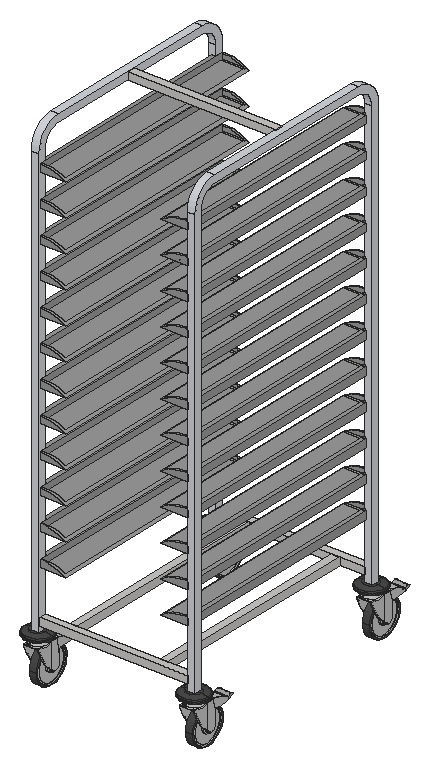
Revit family "QF_BOURGEAT_chariot_cafeteria_dos_a_dos_plateaux_self_couleur", category Equipement spécialisé, Revit 2015
Parameters (values of type "chariot_modele_haut_glissieres_beiges_sans_panneaux")
  panneaux_lateraux_verts = no
  panneaux_lateraux_rouges = no
  panneaux_lateraux_bleus = no
  URL Fabricant = "http://www.bourgeat.fr"
  URL = ""
  Type article = ""
  Spécification du Fabricant = "CHARIOT CAFETERIA"
  Profondeur hors tout = 840 mm
  Poids net à vide = 22.50 kg
  Modèle = "785506"
  Longueur hors tout = 620 mm
  Hauteur hors tout = 1700 mm
  Fabricant = "BOURGEAT"
  Contact SAV = "0033(0)4.76.32.14.44"
  Charge max = 60.00 kg
Types (5, lengths in mm): name | panneaux_lateraux_verts | panneaux_lateraux_rouges | panneaux_lateraux_bleus | Poids net à vide | Modèle
  (no name) | no | no | no | 22.50 kg | "785506"
  chariot_modele_haut_glissieres_beiges_sans_panneaux | no | no | no | 22.50 kg | "785506"
  chariot_modele_haut_glissieres_beiges_avec_2panneaux_bleus | no | no | yes | 31.00 kg | "785006"
  chariot_modele_haut_glissieres_beiges_avec_2panneaux_verts | yes | no | no | 31.00 kg | "785006"
  chariot_modele_haut_glissieres_beiges_avec_2panneaux_rouges | no | yes | no | 31.00 kg | "785206"
Reference planes
  plane 1 "Centre (avant/arrière)": y = 0
  plane 2: z = 0
  plane 3 "Centre (gauche/droite)": x = 0
  plane 4: z = 227.8
  plane 5: z = 182
  plane 6: z = 202.8
  plane 7: y = 12.5
  plane 8: y = -12.5
  plane 9: x = 274
  plane 10: x = -274
  plane 11: z = 1570
  plane 12: z = 1462
  plane 13: z = 1354
  plane 14: z = 1246
  plane 15: z = 1138
  plane 16: z = 1030
  plane 17: z = 922
  plane 18: z = 814
  plane 19: z = 706
  plane 20: z = 598
  plane 21: z = 490
  plane 22: z = 382
  plane 23: z = 1674
  plane 24: y = -371
  plane 25: y = 371
  plane 26: x = -249
  plane 27: y = 152
  plane 28: y = -358.5
  plane 29: y = -383.5
Forms (mm)
  Extrusion 1, solid, material "Acier inoxydable, brossé"
    sketch origin (0, 109.5, 0) x (0, 1, 0) y (0, 0, 1)
      loop
        line (-493, 227.8) -> (-493, 202.8) -> (-468, 202.8) -> (-468, 227.8) -> (-493, 227.8)
      loop
        line (249, 202.8) -> (274, 202.8) -> (274, 227.8) -> (249, 227.8) -> (249, 202.8)
    from -249 to 249
  Extrusion 2, solid, material "Acier inoxydable, brossé"
    sketch origin (0, 0, 0) x (0, 1, 0) y (0, 0, 1)
      loop
        line (-12.5, 1703) -> (-12.5, 1678) -> (12.5, 1678) -> (12.5, 1703) -> (-12.5, 1703)
    from -249 to 249
  Extrusion 3, solid, material "Acier inoxydable, brossé"
    sketch origin (0, 0, 0) x (1, 0, 0) y (0, 0, 1)
      loop
        line (-164.5, 202.8) -> (-139.5, 202.8) -> (-139.5, 227.8) -> (-164.5, 227.8) -> (-164.5, 202.8)
      loop
        line (164.5, 227.8) -> (139.5, 227.8) -> (139.5, 202.8) -> (164.5, 202.8) -> (164.5, 227.8)
    from -358.5 to 358.5
Dimensions and locks
  plane 4 to plane 6 = 25 mm
  plane 10 to plane 9 = 548 mm
  Extrusion 2 to plane 2 = 1703 mm
  plane 4 to plane 2 = 227.8 mm
  Extrusion 2 to plane 4 = 1475.2 mm
  locked: plane 10 to plane 9 at 548
  plane 10 to plane 3 "Centre (gauche/droite)" = 274 mm
  equal spacing: group 1, group 2, group 3, group 4, group 5, group 6, group 7, group 8, group 9, group 10, group 11, group 12  (x2)
  equal spacing: group 12, group 11, group 10, group 9, group 8, group 7, group 6, group 5, group 4, group 3, group 2, group 1
  aligned and locked: level to plane 2
  aligned and locked: plane 6 to Extrusion 1 sketch curve
  aligned and locked: Extrusion 1 sketch curve to plane 6
  aligned and locked: Extrusion 2 sketch curve to plane 8
  aligned and locked: Extrusion 2 sketch curve to plane 7
  aligned and locked: plane 5 to nested 5
  aligned and locked: plane 5 to nested 6
  aligned and locked: plane 9 to nested 6
  aligned and locked: plane 10 to nested 5
  aligned and locked: nested 2 to nested 5
  aligned and locked: nested 1 to nested 5
  aligned and locked: nested 3 to nested 6
  aligned and locked: nested 4 to nested 6
  aligned and locked: Extrusion 1 to nested 1
  aligned and locked: Extrusion 3 sketch curve to plane 4
  aligned and locked: plane 4 to Extrusion 3 sketch curve
  aligned and locked: plane 6 to Extrusion 3 sketch curve
  aligned and locked: Extrusion 3 sketch curve to plane 6
  aligned and locked: Extrusion 1 sketch curve to plane 4
  aligned and locked: plane 24 to nested 3
  aligned and locked: plane 24 to nested 2
  aligned and locked: nested 1 to plane 25
  aligned and locked: plane 25 to nested 4
  aligned and locked: plane 11 to nested 7
  aligned and locked: plane 26 to nested 7
  aligned and locked: plane 26 to nested 8
  aligned and locked: nested 5 to plane 26
  aligned and locked: Extrusion 1 to nested 5  (x2)
  aligned and locked: Extrusion 3 to Extrusion 1  (x2)
  aligned and locked: nested 31 to plane 1 "Centre (avant/arrière)"
  aligned and locked: nested 32 to plane 1 "Centre (avant/arrière)"
  aligned and locked: plane 23 to nested 35
  aligned and locked: plane 23 to nested 31
  aligned and locked: plane 23 to nested 32
  aligned and locked: plane 23 to nested 36
  aligned and locked: nested 33 to plane 23
  aligned and locked: nested 34 to plane 23
  aligned and locked: nested 35 to nested 7
  aligned and locked: nested 31 to nested 7
  aligned and locked: nested 32 to nested 7
  aligned and locked: nested 36 to nested 19
  aligned and locked: nested 33 to nested 19
  aligned and locked: nested 34 to nested 19
Nested families
  nested 1: "ROULETTE_H182" at (-261.5, 371, 0), type "ROULETTE_H182"
    with Sans frein yes, Avec frein yes
  nested 2: "ROULETTE_H182" at (-261.5, -371, 0), type "ROULETTE_H182"
    with Sans frein yes, Avec frein yes
  nested 3: "ROULETTE_H182" at (261.5, -371, 0), type "ROULETTE_H182"
    with Sans frein yes, Avec frein yes
  nested 4: "ROULETTE_H182" at (261.5, 371, 0), type "ROULETTE_H182"
    with Sans frein yes, Avec frein yes
  nested 5: "montant_U_modele_dos_a_dos" at (-261.5, 0, 182) x (0, 1, 0) z (0, 0, 1), type "montant_U_modele_dos_a_dos"
  nested 6: "montant_U_modele_dos_a_dos" at (261.5, 0, 182) x (0, 1, 0) z (0, 0, 1), type "montant_U_modele_dos_a_dos"
  nested 7: "glissiere_polypropylene_beige_lg763" at (-259, 0, 1565), type "glissiere_polypropylene_beige_lg763"
  nested 8: "glissiere_polypropylene_beige_lg763" at (-259, 0, 1457), type "glissiere_polypropylene_beige_lg763"
  nested 9: "glissiere_polypropylene_beige_lg763" at (-259, 0, 1349), type "glissiere_polypropylene_beige_lg763"
  nested 10: "glissiere_polypropylene_beige_lg763" at (-259, 0, 1241), type "glissiere_polypropylene_beige_lg763"
  nested 11: "glissiere_polypropylene_beige_lg763" at (-259, 0, 1133), type "glissiere_polypropylene_beige_lg763"
  nested 12: "glissiere_polypropylene_beige_lg763" at (-259, 0, 1025), type "glissiere_polypropylene_beige_lg763"
  nested 13: "glissiere_polypropylene_beige_lg763" at (-259, 0, 917), type "glissiere_polypropylene_beige_lg763"
  nested 14: "glissiere_polypropylene_beige_lg763" at (-259, 0, 809), type "glissiere_polypropylene_beige_lg763"
  nested 15: "glissiere_polypropylene_beige_lg763" at (-259, 0, 701), type "glissiere_polypropylene_beige_lg763"
  nested 16: "glissiere_polypropylene_beige_lg763" at (-259, 0, 593), type "glissiere_polypropylene_beige_lg763"
  nested 17: "glissiere_polypropylene_beige_lg763" at (-259, 0, 485), type "glissiere_polypropylene_beige_lg763"
  nested 18: "glissiere_polypropylene_beige_lg763" at (-259, 0, 377), type "glissiere_polypropylene_beige_lg763"
  nested 19: "glissiere_polypropylene_beige_lg763" at (259, 0, 1565) x (-1, 0, 0) z (0, 0, 1), type "glissiere_polypropylene_beige_lg763"
  nested 20: "glissiere_polypropylene_beige_lg763" at (259, 0, 1457) x (-1, 0, 0) z (0, 0, 1), type "glissiere_polypropylene_beige_lg763"
  nested 21: "glissiere_polypropylene_beige_lg763" at (259, 0, 1349) x (-1, 0, 0) z (0, 0, 1), type "glissiere_polypropylene_beige_lg763"
  nested 22: "glissiere_polypropylene_beige_lg763" at (259, 0, 1241) x (-1, 0, 0) z (0, 0, 1), type "glissiere_polypropylene_beige_lg763"
  nested 23: "glissiere_polypropylene_beige_lg763" at (259, 0, 1133) x (-1, 0, 0) z (0, 0, 1), type "glissiere_polypropylene_beige_lg763"
  nested 24: "glissiere_polypropylene_beige_lg763" at (259, 0, 1025) x (-1, 0, 0) z (0, 0, 1), type "glissiere_polypropylene_beige_lg763"
  nested 25: "glissiere_polypropylene_beige_lg763" at (259, 0, 917) x (-1, 0, 0) z (0, 0, 1), type "glissiere_polypropylene_beige_lg763"
  nested 26: "glissiere_polypropylene_beige_lg763" at (259, 0, 809) x (-1, 0, 0) z (0, 0, 1), type "glissiere_polypropylene_beige_lg763"
  nested 27: "glissiere_polypropylene_beige_lg763" at (259, 0, 701) x (-1, 0, 0) z (0, 0, 1), type "glissiere_polypropylene_beige_lg763"
  nested 28: "glissiere_polypropylene_beige_lg763" at (259, 0, 593) x (-1, 0, 0) z (0, 0, 1), type "glissiere_polypropylene_beige_lg763"
  nested 29: "glissiere_polypropylene_beige_lg763" at (259, 0, 485) x (-1, 0, 0) z (0, 0, 1), type "glissiere_polypropylene_beige_lg763"
  nested 30: "glissiere_polypropylene_beige_lg763" at (259, 0, 377) x (-1, 0, 0) z (0, 0, 1), type "glissiere_polypropylene_beige_lg763"
  nested 31: "panneaux_lateraux_vert_grand_modele_dos_a_dos" at (-263, 0, 254) x (0, 1, 0) z (0, 0, 1), visible <- "panneaux_lateraux_verts", type "panneaux_lateraux_vert_grand_modele_dos_a_dos"
  nested 32: "panneaux_lateraux_rouge_grand_modele_dos_a_dos" at (-263, 0, 254) x (0, 1, 0) z (0, 0, 1), visible <- "panneaux_lateraux_rouges", type "panneaux_lateraux_rouge_grand_modele_dos_a_dos"
  nested 33: "panneaux_lateraux_vert_grand_modele_dos_a_dos" at (263, 0, 254) x (0, 1, 0) z (0, 0, 1), visible <- "panneaux_lateraux_verts", type "panneaux_lateraux_vert_grand_modele_dos_a_dos"
  nested 34: "panneaux_lateraux_rouge_grand_modele_dos_a_dos" at (263, 0, 254) x (0, 1, 0) z (0, 0, 1), visible <- "panneaux_lateraux_rouges", type "panneaux_lateraux_rouge_grand_modele_dos_a_dos"
  nested 35: "panneaux_lateraux_bleu_grand_modele_dos_a_dos" at (-263, 0, 254) x (0, 1, 0) z (0, 0, 1), visible <- "panneaux_lateraux_bleus", type "panneaux_lateraux_bleu_grand_modele_dos_a_dos"
  nested 36: "panneaux_lateraux_bleu_grand_modele_dos_a_dos" at (259, 0, 254) x (0, 1, 0) z (0, 0, 1), visible <- "panneaux_lateraux_bleus", type "panneaux_lateraux_bleu_grand_modele_dos_a_dos"
Definition of nested family "ROULETTE_H182"
  Parameters (values of type "ROULETTE_H182")
    Sans frein [instance] = yes
    Avec frein [instance] = yes
  Reference planes
    plane 1 "Centre (avant/arrière)": y = 0
    plane 2: z = 0
    plane 3 "Centre (gauche/droite)": x = 0
    plane 4: y = 40.851
    plane 5: z = 62.5
  Forms (mm)
    Extrusion 1, solid
      sketch origin (0, 0, 0) x (0, 1, 0) y (0, 0, 1)
        loop
          circle (40.851, 62.5) r 62.5
        loop
          circle (40.851, 62.5) r 57.5
      from -12.5 to 12.5
    Revolve 2, solid
      sketch origin (0, 0, 30.333) x (1, 0, 0) y (0, 0, 1)
        loop
          line (0, 151.667) -> (-25, 151.667) -> (-45.338, 146.217)
          arc (-45.338, 146.217) -> (-46.897, 145.175) -> (-47.5, 143.4) r 2.917
          line (-47.5, 143.4) -> (-47.5, 138.833)
          arc (-47.5, 138.833) -> (-47.012, 137.655) -> (-45.833, 137.167) r 1.667
          line (-45.833, 137.167) -> (-24.607, 137.167) -> (-24, 132.667) -> (0, 132.667) -> (0, 151.667)
        axis (0, 151.667) -> (0, 132.667)
      angle from 0 to 360
    Revolve 3, solid
      sketch origin (0, 0, 0) x (0, 1, 0) y (0, 0, 1)
        loop
          line (0, 163) -> (-20.149, 163) -> (-20.149, 159.41) -> (-21.6, 159.41)
          arc (-21.6, 159.41) -> (-24.448, 158.65) -> (-26.537, 156.572) r 5.712
          line (-26.537, 156.572) -> (-30.146, 147.743) -> (-26.999, 147.062) -> (-26.999, 146.112)
          arc (-26.999, 146.112) -> (-27.23, 145.314) -> (-27.849, 144.761) r 1.5
          arc (-27.849, 144.761) -> (-29.223, 143.633) -> (-29.923, 142) r 3.75
          line (-29.923, 142) -> (0, 142) -> (0, 163)
        axis (0, 163) -> (0, 142)
      angle from 0 to 360
    Extrusion 4, solid
      sketch origin (0, 0, 0) x (0, 1, 0) y (0, 0, -1)
        loop
          line (-29.974, -138.241) -> (-29.974, -142) -> (21.747, -142) -> (21.747, -60.336)
          arc (21.747, -60.336) -> (10.272, -70.702) -> (-0.149, -82.127) r 160.057
          arc (-0.149, -82.127) -> (-17.883, -108.684) -> (-29.974, -138.241) r 159.585
      from -24.913 to -23.038
    Extrusion 5, solid
      sketch origin (0, 0, 0) x (0, 1, 0) y (0, 0, 1)
        loop
          line (-29.974, 142) -> (-29.974, 140.869) -> (21.747, 140.869) -> (21.747, 142) -> (-29.974, 142)
      from -23.038 to 23.038
    Extrusion 6, solid
      sketch origin (0, 0, 0) x (0, 1, 0) y (0, 0, 1)
        loop
          circle (40.851, 62.5) r 57.5
        loop
          circle (40.851, 62.5) r 55
      from -12.5 to 12.5
    Extrusion 7, solid
      sketch origin (0, 0, 0) x (0, 1, 0) y (0, 0, 1)
        loop
          circle (40.851, 62.5) r 55
      from -7 to 7
    Extrusion 8, solid
      sketch origin (0, 0, 0) x (0, 1, 0) y (0, 0, 1)
        loop
          circle (40.851, 62.5) r 21
      from 7 to 15
    Extrusion 9, solid
      sketch origin (0, 0, 0) x (0, 1, 0) y (0, 0, -1)
        loop
          circle (40.851, -62.5) r 16
      from -23.038 to -15
    Extrusion 10, solid, visible <- "Sans frein"
      sketch origin (0, 0, 0) x (0, 1, 0) y (0, 0, 1)
        loop
          arc (21.747, 60.336) -> (23.188, 59.17) -> (24.642, 58.02) r 161.23
          arc (24.642, 58.02) -> (29.34, 54.513) -> (34.187, 51.216) r 133.333
          arc (34.187, 51.216) -> (46.517, 50.3) -> (53.927, 60.198) r 12.867
          arc (53.927, 60.198) -> (54.714, 99.183) -> (46.119, 137.216) r 161.222
          arc (46.119, 137.216) -> (45.679, 138.887) -> (45.531, 140.609) r 10.076
          line (45.531, 140.609) -> (45.531, 142) -> (21.747, 142) -> (21.747, 60.336)
      from 23.038 to 24.913
    Extrusion 11, solid, visible <- "Sans frein"
      sketch origin (0, 0, 0) x (0, 1, 0) y (0, 0, 1)
        loop
          line (21.747, 142) -> (21.747, 140.701) -> (48.851, 140.701) -> (48.851, 142) -> (21.747, 142)
      from -23.038 to 23.038
    Extrusion 12, solid, visible <- "Avec frein"
      sketch origin (0, 0, 0) x (0, 1, 0) y (0, 0, 1)
        loop
          line (21.747, 142) -> (21.747, 60.336)
          arc (21.747, 60.336) -> (23.177, 59.179) -> (24.62, 58.038) r 160.008
          arc (24.62, 58.038) -> (29.041, 54.705) -> (33.574, 51.527) r 160
          arc (33.574, 51.527) -> (46.135, 50.422) -> (53.724, 60.491) r 13
          arc (53.724, 60.491) -> (55.279, 82.092) -> (53.902, 103.704) r 160
          arc (53.902, 103.704) -> (55.53, 108.653) -> (60.415, 110.463) r 6
          arc (60.415, 110.463) -> (80.625, 109.924) -> (100.725, 112.107) r 150
          arc (100.725, 112.107) -> (104.408, 113.406) -> (107.479, 115.819) r 12
          line (107.479, 115.819) -> (110.851, 121.523)
          arc (110.851, 121.523) -> (85.913, 134.651) -> (58.706, 142) r 127.902
          line (58.706, 142) -> (21.747, 142)
      from 23.038 to 24.913
    Extrusion 13, solid, visible <- "Avec frein"
      sketch origin (0, 0, 0) x (0, 1, 0) y (0, 0, 1)
        loop
          line (58.706, 142) -> (21.747, 142) -> (21.747, 140) -> (58.552, 140)
          arc (58.552, 140) -> (85.253, 132.762) -> (109.73, 119.866) r 125.902
          line (109.73, 119.866) -> (110.851, 121.523)
          arc (110.851, 121.523) -> (85.913, 134.651) -> (58.706, 142) r 127.902
      from -23.038 to 23.038
    Extrusion 14, solid, visible <- "Avec frein"
      sketch origin (0, 19.896, 18.175) x (0, 1, 0) y (0, 0, 1)
        loop
          line (87.583, 97.644) -> (91.829, 95.227)
          arc (91.829, 95.227) -> (93.8, 95.006) -> (95.312, 96.29) r 2.5
          arc (95.312, 96.29) -> (103.495, 100.002) -> (111.176, 104.666) r 74.999
          line (111.176, 104.666) -> (110.852, 105.929)
          arc (110.852, 105.929) -> (110.04, 107.086) -> (108.666, 107.417) r 2
          arc (108.666, 107.417) -> (101.396, 105.849) -> (94.512, 103.034) r 42.354
          line (94.512, 103.034) -> (93.479, 101.228) -> (93.285, 100.414) -> (91.69, 101.675) -> (90.401, 102.412) -> (87.583, 97.644)
      from -23.038 to 23.038
    Extrusion 15, solid, not visible
      sketch origin (0, 0, 0) x (0, 1, 0) y (0, 0, -1)
        loop
          line (-29.974, -138.241) -> (-29.974, -142) -> (21.747, -142) -> (21.747, -60.336)
          arc (21.747, -60.336) -> (10.272, -70.702) -> (-0.149, -82.127) r 160.057
          arc (-0.149, -82.127) -> (-17.883, -108.684) -> (-29.974, -138.241) r 159.585
      from -24.913 to -23.038
    Extrusion 16, solid, not visible
      sketch origin (0, 0, 0) x (0, 1, 0) y (0, 0, 1)
        loop
          circle (40.851, 62.5) r 21
      from 7 to 15
    Extrusion 17, solid, not visible
      sketch origin (0, 0, 0) x (0, 1, 0) y (0, 0, -1)
        loop
          circle (40.851, -62.5) r 16
      from -23.038 to -15
    Extrusion 18, solid, visible <- "Sans frein", not visible
      sketch origin (0, 0, 0) x (0, 1, 0) y (0, 0, 1)
        loop
          arc (21.747, 60.336) -> (23.188, 59.17) -> (24.642, 58.02) r 161.23
          arc (24.642, 58.02) -> (29.34, 54.513) -> (34.187, 51.216) r 133.333
          arc (34.187, 51.216) -> (46.517, 50.3) -> (53.927, 60.198) r 12.867
          arc (53.927, 60.198) -> (54.714, 99.183) -> (46.119, 137.216) r 161.222
          arc (46.119, 137.216) -> (45.679, 138.887) -> (45.531, 140.609) r 10.076
          line (45.531, 140.609) -> (45.531, 142) -> (21.747, 142) -> (21.747, 60.336)
      from 23.038 to 24.913
    Extrusion 19, solid, visible <- "Avec frein", not visible
      sketch origin (0, 0, 0) x (0, 1, 0) y (0, 0, 1)
        loop
          line (21.747, 142) -> (21.747, 60.336)
          arc (21.747, 60.336) -> (23.177, 59.179) -> (24.62, 58.038) r 160.008
          arc (24.62, 58.038) -> (29.041, 54.705) -> (33.574, 51.527) r 160
          arc (33.574, 51.527) -> (46.135, 50.422) -> (53.724, 60.491) r 13
          arc (53.724, 60.491) -> (55.279, 82.092) -> (53.902, 103.704) r 160
          arc (53.902, 103.704) -> (55.53, 108.653) -> (60.415, 110.463) r 6
          arc (60.415, 110.463) -> (80.625, 109.924) -> (100.725, 112.107) r 150
          arc (100.725, 112.107) -> (104.408, 113.406) -> (107.479, 115.819) r 12
          line (107.479, 115.819) -> (110.851, 121.523)
          arc (110.851, 121.523) -> (85.913, 134.651) -> (58.706, 142) r 127.902
          line (58.706, 142) -> (21.747, 142)
      from 23.038 to 24.913
    Extrusion 20, solid
      sketch origin (0, 0, 0) x (0, -1, 0) y (0, 0, -1)
        loop
          arc (29.974, -138.241) -> (17.883, -108.684) -> (0.149, -82.127) r 159.585
          arc (0.149, -82.127) -> (-10.272, -70.702) -> (-21.747, -60.336) r 160.057
          line (-21.747, -60.336) -> (-21.747, -142) -> (29.974, -142) -> (29.974, -138.241)
      from -24.913 to -23.038
    Extrusion 21, solid
      sketch origin (0, 0, 0) x (0, -1, 0) y (0, 0, 1)
        loop
          circle (-40.851, 62.5) r 21
      from 7 to 15
    Extrusion 22, solid
      sketch origin (0, 0, 0) x (0, -1, 0) y (0, 0, -1)
        loop
          circle (-40.851, -62.5) r 16
      from -23.038 to -15
    Extrusion 23, solid, visible <- "Sans frein"
      sketch origin (0, 0, 0) x (0, -1, 0) y (0, 0, 1)
        loop
          line (-21.747, 60.336) -> (-21.747, 142) -> (-45.531, 142) -> (-45.531, 140.609)
          arc (-45.531, 140.609) -> (-45.679, 138.887) -> (-46.119, 137.216) r 10.076
          arc (-46.119, 137.216) -> (-54.714, 99.183) -> (-53.927, 60.198) r 161.222
          arc (-53.927, 60.198) -> (-46.517, 50.3) -> (-34.187, 51.216) r 12.867
          arc (-34.187, 51.216) -> (-29.34, 54.513) -> (-24.642, 58.02) r 133.333
          arc (-24.642, 58.02) -> (-23.188, 59.17) -> (-21.747, 60.336) r 161.23
      from 23.038 to 24.913
    Extrusion 24, solid, visible <- "Avec frein"
      sketch origin (0, 0, 0) x (0, -1, 0) y (0, 0, 1)
        loop
          line (-21.747, 142) -> (-58.706, 142)
          arc (-58.706, 142) -> (-85.913, 134.651) -> (-110.851, 121.523) r 127.902
          line (-110.851, 121.523) -> (-107.479, 115.819)
          arc (-107.479, 115.819) -> (-104.408, 113.406) -> (-100.725, 112.107) r 12
          arc (-100.725, 112.107) -> (-80.625, 109.924) -> (-60.415, 110.463) r 150
          arc (-60.415, 110.463) -> (-55.53, 108.653) -> (-53.902, 103.704) r 6
          arc (-53.902, 103.704) -> (-55.279, 82.092) -> (-53.724, 60.491) r 160
          arc (-53.724, 60.491) -> (-46.135, 50.422) -> (-33.574, 51.527) r 13
          arc (-33.574, 51.527) -> (-29.041, 54.705) -> (-24.62, 58.038) r 160
          arc (-24.62, 58.038) -> (-23.177, 59.179) -> (-21.747, 60.336) r 160.008
          line (-21.747, 60.336) -> (-21.747, 142)
      from 23.038 to 24.913
  Dimensions and locks
    aligned and locked: level to plane 2
Definition of nested family "montant_U_modele_dos_a_dos"
  Reference planes
    plane 1 "Centre (avant/arrière)": y = 0
    plane 2: z = 0
    plane 3 "Centre (gauche/droite)": x = 0
    plane 4: z = 1508.5
  Forms (mm)
    Sweep 1, solid
      path origin (0, 0, 0) x (1, 0, 0) y (0, 0, 1)
        loop
          line (-371, 0) -> (-371, 1438.5)
          arc (-371, 1438.5) -> (-350.497, 1487.997) -> (-301, 1508.5) r 70
          line (-301, 1508.5) -> (301, 1508.5)
          arc (301, 1508.5) -> (350.497, 1487.997) -> (371, 1438.5) r 70
          line (371, 1438.5) -> (371, 0)
      profile origin (-371, 0, 719.25) x (-1, 0, 0) y (0, -1, 0)
        loop
          line (-12.5, -12.5) -> (12.5, -12.5) -> (12.5, 12.5) -> (-12.5, 12.5) -> (-12.5, -12.5)
  Dimensions and locks
    plane 4 to plane 2 = 1508.5 mm
    Sweep 1 to Sweep 1 = 767 mm
    Sweep 1 sketch curve to plane 3 "Centre (gauche/droite)" to Sweep 1 sketch curve = 371 mm, 371 mm
    aligned and locked: level to plane 2
Definition of nested family "glissiere_polypropylene_beige_lg763"
  Reference planes
    plane 1 "Centre (avant/arrière)": y = 0
    plane 2: z = 0
    plane 3 "Centre (gauche/droite)": x = 0
    plane 4: z = 25
    plane 5: x = 100
    plane 6: x = 22
    plane 7: y = 381.5
    plane 8: y = -381.5
    plane 9: x = 15
    plane 10: y = -376.5
    plane 11: z = 5
    plane 12: y = 376.5
    plane 13: y = 351.5
    plane 14: y = -356.7
    plane 15: x = 10
  Forms (mm)
    Extrusion 1, solid
      sketch origin (0, 0, 0) x (1, 0, 0) y (0, 0, 1)
        loop
          line (0, 25) -> (0, 0) -> (100, 0)
          arc (100, 0) -> (62.954, 18.597) -> (22, 25) r 134.18
          line (22, 25) -> (0, 25)
      from -381.5 to 381.5
    Extrusion 2, void
      sketch origin (0, 0, 0) x (0, 1, 0) y (0, 0, 1)
        loop
          line (-373, 5) -> (373, 5)
          arc (373, 5) -> (375.475, 6.025) -> (376.5, 8.5) r 3.5
          line (376.5, 8.5) -> (376.5, 43.902) -> (-376.5, 43.902) -> (-376.5, 8.5)
          arc (-376.5, 8.5) -> (-375.475, 6.025) -> (-373, 5) r 3.5
      from 15 to 250
    Extrusion 3, void
      sketch origin (0, 0, 0) x (1, 0, 0) y (0, 1, 0)
        loop
          line (10, 421.5) -> (-26.988, 421.5) -> (-26.988, 351.5) -> (10, 351.5) -> (10, 421.5)
        loop
          line (10, -460.522) -> (10, -356.7) -> (-17.716, -356.7) -> (-17.716, -460.522) -> (10, -460.522)
      from -29.595 to 250
  Cuts and joins
    Extrusion 2, Extrusion 3 cuts Extrusion 1
  Dimensions and locks
    locked: plane 3 "Centre (gauche/droite)" to plane 15 at 10  (x2)
    locked: plane 14 to plane 8 at 24.8
    locked: plane 10 to plane 8 at 5
    locked: plane 7 to plane 12 at 5
    plane 12 to plane 13 = 25 mm
    locked: plane 7 to plane 8 at 763
    plane 7 to plane 1 "Centre (avant/arrière)" to plane 8 = 381.5 mm, 381.5 mm
    aligned and locked: level to plane 2
    aligned and locked: Extrusion 1 sketch curve to plane 3 "Centre (gauche/droite)"
    aligned and locked: Extrusion 1 sketch curve to plane 2
    aligned and locked: Extrusion 1 sketch curve to plane 4
    aligned and locked: plane 7 to Extrusion 1
    aligned and locked: plane 8 to Extrusion 1
    aligned and locked: Extrusion 2 sketch curve to plane 11
    aligned and locked: Extrusion 2 sketch curve to plane 10
    aligned and locked: plane 12 to Extrusion 2 sketch curve
    aligned and locked: Extrusion 2 to plane 9
    aligned and locked: Extrusion 3 sketch curve to plane 15  (x2)
    aligned and locked: cut or joined group of Extrusion 1, Extrusion 2, Extrusion 3 to plane 13
    aligned and locked: plane 14 to Extrusion 3
Definition of nested family "panneaux_lateraux_vert_grand_modele_dos_a_dos"
  Reference planes
    plane 1 "Centre (avant/arrière)": y = 0
    plane 2: z = 0
    plane 3 "Centre (gauche/droite)": x = 0
    plane 4: x = -353.5
    plane 5: x = 353.5
    plane 6: z = 1420
    plane 7: y = -4
  Forms (mm)
    Extrusion 1, solid
      sketch origin (0, 0, 0) x (1, 0, 0) y (0, 0, 1)
        loop
          arc (-301, 1420) -> (-338.123, 1404.623) -> (-353.5, 1367.5) r 52.5
          line (-353.5, 1367.5) -> (-353.5, 0) -> (353.5, 0) -> (353.5, 1367.5)
          arc (353.5, 1367.5) -> (338.123, 1404.623) -> (301, 1420) r 52.5
          line (301, 1420) -> (-301, 1420)
      from 0 to 4
  Dimensions and locks
    plane 6 to plane 2 = 1420 mm
    plane 4 to plane 3 "Centre (gauche/droite)" to plane 5 = 353.5 mm locked, 353.5 mm
    plane 4 to plane 5 = 707 mm
    aligned and locked: level to plane 2
    aligned and locked: Extrusion 1 sketch curve to plane 6
    aligned and locked: Extrusion 1 sketch curve to plane 4
    aligned and locked: plane 2 to Extrusion 1 sketch curve
    aligned and locked: Extrusion 1 sketch curve to plane 5
    aligned and locked: Extrusion 1 to plane 7
Definition of nested family "panneaux_lateraux_rouge_grand_modele_dos_a_dos"
  Reference planes
    plane 1 "Centre (avant/arrière)": y = 0
    plane 2: z = 0
    plane 3 "Centre (gauche/droite)": x = 0
    plane 4: x = -353.5
    plane 5: x = 353.5
    plane 6: z = 1420
    plane 7: y = -4
  Forms (mm)
    Extrusion 1, solid
      sketch origin (0, 0, 0) x (1, 0, 0) y (0, 0, 1)
        loop
          arc (-301, 1420) -> (-338.123, 1404.623) -> (-353.5, 1367.5) r 52.5
          line (-353.5, 1367.5) -> (-353.5, 0) -> (353.5, 0) -> (353.5, 1367.5)
          arc (353.5, 1367.5) -> (338.123, 1404.623) -> (301, 1420) r 52.5
          line (301, 1420) -> (-301, 1420)
      from 0 to 4
  Dimensions and locks
    plane 6 to plane 2 = 1420 mm
    locked: plane 4 to plane 3 "Centre (gauche/droite)" at 353.5
    plane 5 to plane 3 "Centre (gauche/droite)" = 353.5 mm
    plane 4 to plane 5 = 707 mm
    aligned and locked: level to plane 2
    aligned and locked: Extrusion 1 sketch curve to plane 6
    aligned and locked: Extrusion 1 sketch curve to plane 4
    aligned and locked: plane 2 to Extrusion 1 sketch curve
    aligned and locked: Extrusion 1 sketch curve to plane 5
    aligned and locked: Extrusion 1 to plane 7
Definition of nested family "panneaux_lateraux_bleu_grand_modele_dos_a_dos"
  Reference planes
    plane 1 "Centre (avant/arrière)": y = 0
    plane 2: z = 0
    plane 3 "Centre (gauche/droite)": x = 0
    plane 4: x = -353.5
    plane 5: x = 353.5
    plane 6: z = 1420
    plane 7: y = -4
  Forms (mm)
    Extrusion 1, solid
      sketch origin (0, 0, 0) x (1, 0, 0) y (0, 0, 1)
        loop
          arc (-301, 1420) -> (-338.123, 1404.623) -> (-353.5, 1367.5) r 52.5
          line (-353.5, 1367.5) -> (-353.5, 0) -> (353.5, 0) -> (353.5, 1367.5)
          arc (353.5, 1367.5) -> (338.123, 1404.623) -> (301, 1420) r 52.5
          line (301, 1420) -> (-301, 1420)
      from 0 to 4
  Dimensions and locks
    locked: plane 4 to plane 3 "Centre (gauche/droite)" at 353.5
    plane 5 to plane 3 "Centre (gauche/droite)" = 353.5 mm
    plane 6 to plane 2 = 1420 mm
    plane 4 to plane 5 = 707 mm
    aligned and locked: level to plane 2
    aligned and locked: Extrusion 1 sketch curve to plane 6
    aligned and locked: Extrusion 1 sketch curve to plane 4
    aligned and locked: plane 2 to Extrusion 1 sketch curve
    aligned and locked: Extrusion 1 sketch curve to plane 5
    aligned and locked: Extrusion 1 to plane 7
